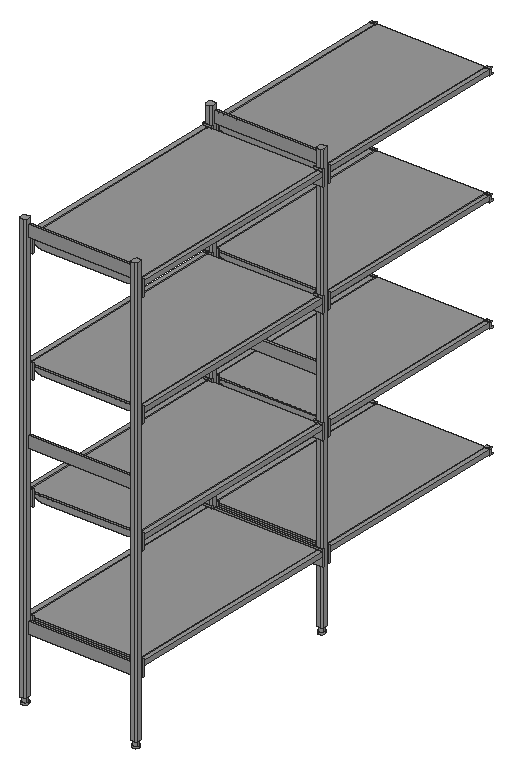
Revit family "QF_ZANUSSI_137081_CLS1752", category Attrezzature speciali, Revit 2020
Family settings
  Quota connettore circolare = Usa diametro
  Tipo di parte = Normale
  Basato su piano di lavoro = No
  Sempre verticale = Sì
  Taglio con vuoti quando caricato = No
  Condiviso = No
  Punto di calcolo locali = No
Parameters (values of type "Standard")
  Weight = 32.00 kg
  Watts = 0 W
  Volts = 0 V
  URL Manufacturer = "http://www.zanussiprofessional.com"
  URL = "http://www.zanussiprofessional.com"
  Steam Supply Size = 0 mm
  Steam Supply Minimum Pressure = 0.0 Pa
  Steam Supply Maximum Pressure = 0.0 Pa
  Steam Consumption per Hour = 0
  Refrigeration Suction Line Size = 0.0 mm
  Refrigeration Liquid Line Size = 0.0 mm
  Refrigerant Compressor Remote = yes
  Prospetto di default = 0.0 mm
  Phase = 0
  Modello = "CLS1752"
  Produttore = "Zanussi"
  Length Actual = 1756.0 mm  # constant formula
  Item Number = "137081"
  Hot Water Size = 0 mm
  Height Actual = 1700.0 mm  # constant formula
  HP = "0 HP"
  Gas Size = 0 mm
  Gas KW = 0
  Gas Input Pressure = 0 W
  Direct Waste Size = 0 mm
  Descrizione = "ALUM.CORNER SHELV.-POLY.TIERS-475X1756MM"
  Depth Actual = 475.0 mm  # constant formula
  Cycle = 0 Hz
  Condensate Return Size = 0 mm
  Compressed Air Volume = 0.0 L/s
  Compressed Air Size = 0 mm
  Compressed Air Pressure = 0.0 Pa
  Cold Water Size = 0 mm
  Accessory = yes
Reference planes
  plane 1: z = 0
  plane 2 "CenterLeft": y = -535.5
  plane 3 "FRONT": y = -921.5
  plane 4 "LEFT": x = 192.5
  plane 5 "RIGHT": x = 667.5
  plane 6 "TOP": z = 1700
  plane 7: y = -889.5
  plane 8: y = -3.5
  plane 9 "Center (Left/Back)": x = 430
  plane 10: x = 256
  plane 11: x = 668
  plane 12 "FEET": z = 25
  plane 13: z = 275
  plane 14: z = 725
  plane 15: z = 1175
  plane 16: z = 1625
  plane 17 "CXLeft": y = -907.5
  plane 18 "Center (Front/Back)": y = 14.5
  plane 19 "CYFront": x = 510
  plane 20: y = 830.5
  plane 21: y = 32.5
  plane 22 "BACK": y = 834.5
  plane 23 "LEFT_ORIGIN": x = 158.5
  plane 24 "BACK_ORIGIN": y = 1309.5
Forms (mm)
  Extrusion 1, solid, material "QF_Aluminum"
    sketch origin (38.022, -921.5, -4.006) x (-1, 0, 0) y (0, 0, 1)
      loop
        line (-189.5, 1637.003) -> (-173.5, 1637.003) -> (-173.5, 1655) -> (-175.493, 1655) -> (-175.493, 1648.501) -> (-608.5, 1648.501) -> (-608.5, 1655) -> (-610.5, 1655) -> (-610.5, 1637.003) -> (-594.5, 1637.003) -> (-560.5, 1625) -> (-223.5, 1625) -> (-189.5, 1637.003)
      loop
        line (-189.5, 1187.003) -> (-173.5, 1187.003) -> (-173.5, 1205) -> (-175.493, 1205) -> (-175.493, 1198.501) -> (-608.5, 1198.501) -> (-608.5, 1205) -> (-610.5, 1205) -> (-610.5, 1187.003) -> (-594.5, 1187.003) -> (-560.5, 1175) -> (-223.5, 1175) -> (-189.5, 1187.003)
      loop
        line (-189.5, 737.003) -> (-173.5, 737.003) -> (-173.5, 755) -> (-175.493, 755) -> (-175.493, 748.501) -> (-608.5, 748.501) -> (-608.5, 755) -> (-610.5, 755) -> (-610.5, 737.003) -> (-594.5, 737.003) -> (-560.5, 725) -> (-223.5, 725) -> (-189.5, 737.003)
      loop
        line (-189.5, 287.003) -> (-173.5, 287.003) -> (-173.5, 305) -> (-175.493, 305) -> (-175.493, 298.501) -> (-608.5, 298.501) -> (-608.5, 305) -> (-610.5, 305) -> (-610.5, 287.003) -> (-594.5, 287.003) -> (-560.5, 275) -> (-223.5, 275) -> (-189.5, 287.003)
    from 37 to 32
  Extrusion 2, solid, material "QF_Aluminum"
    sketch origin (38.022, -921.5, 0) x (-1, 0, 0) y (0, 0, 1)
      loop
        line (-154.478, 246.005) -> (-154.478, 307.993) -> (-190.471, 307.993) -> (-190.471, 246.005) -> (-154.478, 246.005)
      loop
        line (-593.484, 246.005) -> (-593.484, 307.993) -> (-629.478, 307.993) -> (-629.478, 246.005) -> (-593.484, 246.005)
      loop
        line (-154.478, 696.005) -> (-154.478, 757.993) -> (-190.471, 757.993) -> (-190.471, 696.005) -> (-154.478, 696.005)
      loop
        line (-593.484, 696.005) -> (-593.484, 757.993) -> (-629.478, 757.993) -> (-629.478, 696.005) -> (-593.484, 696.005)
      loop
        line (-154.478, 1146.005) -> (-154.478, 1207.993) -> (-190.471, 1207.993) -> (-190.471, 1146.005) -> (-154.478, 1146.005)
      loop
        line (-593.484, 1146.005) -> (-593.484, 1207.993) -> (-629.478, 1207.993) -> (-629.478, 1146.005) -> (-593.484, 1146.005)
      loop
        line (-154.478, 1596.005) -> (-154.478, 1657.993) -> (-190.471, 1657.993) -> (-190.471, 1596.005) -> (-154.478, 1596.005)
      loop
        line (-593.484, 1596.005) -> (-593.484, 1657.993) -> (-629.478, 1657.993) -> (-629.478, 1596.005) -> (-593.484, 1596.005)
    from 28 to 32
  Extrusion 3, solid, material "QF_Aluminum"
    sketch origin (38.022, -921.5, 0) x (-1, 0, 0) y (0, 0, 1)
      loop
        line (-154.5, 1650.994) -> (-173.5, 1650.994) -> (-173.5, 1632.998) -> (-154.5, 1632.998) -> (-154.5, 1650.994)
      loop
        line (-154.5, 1200.994) -> (-173.5, 1200.994) -> (-173.5, 1182.998) -> (-154.5, 1182.998) -> (-154.5, 1200.994)
      loop
        line (-154.5, 750.994) -> (-173.5, 750.994) -> (-173.5, 732.998) -> (-154.5, 732.998) -> (-154.5, 750.994)
      loop
        line (-154.5, 300.994) -> (-173.5, 300.994) -> (-173.5, 282.998) -> (-154.5, 282.998) -> (-154.5, 300.994)
      loop
        line (-629.455, 1650.994) -> (-629.455, 1632.998) -> (-610.455, 1632.998) -> (-610.455, 1650.994) -> (-629.455, 1650.994)
      loop
        line (-629.455, 1200.994) -> (-629.455, 1182.998) -> (-610.455, 1182.998) -> (-610.455, 1200.994) -> (-629.455, 1200.994)
      loop
        line (-629.455, 750.994) -> (-629.455, 732.998) -> (-610.455, 732.998) -> (-610.455, 750.994) -> (-629.455, 750.994)
      loop
        line (-629.455, 300.994) -> (-629.455, 282.998) -> (-610.455, 282.998) -> (-610.455, 300.994) -> (-629.455, 300.994)
    from 32 to 918
  Extrusion 4, solid, material "QF_Polyethylene"
    sketch origin (38.022, -921.5, 0) x (-1, 0, 0) y (0, 0, 1)
      loop
        line (-175.493, 1650.994) -> (-608.5, 1650.994) -> (-608.5, 1644.496) -> (-175.493, 1644.496) -> (-175.493, 1650.994)
      loop
        line (-175.493, 1200.994) -> (-608.5, 1200.994) -> (-608.5, 1194.496) -> (-175.493, 1194.496) -> (-175.493, 1200.994)
      loop
        line (-175.493, 750.994) -> (-608.5, 750.994) -> (-608.5, 744.496) -> (-175.493, 744.496) -> (-175.493, 750.994)
      loop
        line (-175.493, 300.994) -> (-608.5, 300.994) -> (-608.5, 294.496) -> (-175.493, 294.496) -> (-175.493, 300.994)
    from 32 to 918
  Extrusion 5, solid, material "QF_Aluminum"
    sketch origin (38.022, 684.5, 0) x (-1, 0, 0) y (0, 0, 1)
      loop
        line (-154.5, 1650.994) -> (-173.5, 1650.994) -> (-173.5, 1632.998) -> (-154.5, 1632.998) -> (-154.5, 1650.994)
      loop
        line (-610.455, 1650.994) -> (-629.455, 1650.994) -> (-629.455, 1632.998) -> (-610.455, 1632.998) -> (-610.455, 1650.994)
      loop
        line (-154.5, 1200.994) -> (-173.5, 1200.994) -> (-173.5, 1182.998) -> (-154.5, 1182.998) -> (-154.5, 1200.994)
      loop
        line (-610.455, 1200.994) -> (-629.455, 1200.994) -> (-629.455, 1182.998) -> (-610.455, 1182.998) -> (-610.455, 1200.994)
      loop
        line (-154.5, 750.994) -> (-173.5, 750.994) -> (-173.5, 732.998) -> (-154.5, 732.998) -> (-154.5, 750.994)
      loop
        line (-610.455, 750.994) -> (-629.455, 750.994) -> (-629.455, 732.998) -> (-610.455, 732.998) -> (-610.455, 750.994)
      loop
        line (-154.5, 300.994) -> (-173.5, 300.994) -> (-173.5, 282.998) -> (-154.5, 282.998) -> (-154.5, 300.994)
      loop
        line (-610.455, 300.994) -> (-629.455, 300.994) -> (-629.455, 282.998) -> (-610.455, 282.998) -> (-610.455, 300.994)
    from 146 to -652
  Extrusion 6, solid, material "QF_Polyethylene"
    sketch origin (38.022, 684.5, 0) x (-1, 0, 0) y (0, 0, 1)
      loop
        line (-175.493, 1650.994) -> (-608.5, 1650.994) -> (-608.5, 1644.496) -> (-175.493, 1644.496) -> (-175.493, 1650.994)
      loop
        line (-175.493, 1200.994) -> (-608.5, 1200.994) -> (-608.5, 1194.496) -> (-175.493, 1194.496) -> (-175.493, 1200.994)
      loop
        line (-175.493, 750.994) -> (-608.5, 750.994) -> (-608.5, 744.496) -> (-175.493, 744.496) -> (-175.493, 750.994)
      loop
        line (-175.493, 300.994) -> (-608.5, 300.994) -> (-608.5, 294.496) -> (-175.493, 294.496) -> (-175.493, 300.994)
    from 146 to -652
Lines and regions (mm)
  symbolic lines
    curve 1: line (256, -912.5, 1700) -> (668, -912.5, 1700)
    curve 2: line (668, -902.5, 1700) -> (256, -902.5, 1700)
    curve 3: line (192.5, -893.5, 1700) -> (192.5, 0.5, 1700)
    curve 4: line (667.5, -889.5, 1700) -> (667.5, -3.5, 1700)
    curve 5: line (192.5, 28.5, 1700) -> (192.5, 834.5, 1700)
    curve 6: line (667.5, 28.5, 1700) -> (667.5, 834.5, 1700)
    curve 7: line (648.478, -3.5, 1700) -> (648.478, -889.5, 1700)
    curve 8: line (211.522, -889.5, 1700) -> (211.522, -3.5, 1700)
    curve 9: line (211.522, 32.5, 1700) -> (211.522, 830.5, 1700)
    curve 10: line (648.478, 830.5, 1700) -> (648.478, 32.5, 1700)
Dimensions and locks
  plane 3 "FRONT" to plane 2 "CenterLeft" = 386.0 mm
  locked: plane 6 "TOP" to level at 1700
  locked: plane 7 to plane 8 at 886
  locked: plane 10 to plane 11 at 412
  plane 10 to plane 9 "Center (Left/Back)" to plane 11 = 174.0 mm, 238.0 mm
  equal spacing: plane 4 "LEFT", plane 9 "Center (Left/Back)", plane 5 "RIGHT"
  plane 12 "FEET" to level = 25.0 mm
  plane 6 "TOP" to plane 12 "FEET" = 1675.0 mm
  plane 13 to plane 12 "FEET" = 250.0 mm
  plane 14 to plane 13 = 450.0 mm
  plane 15 to plane 14 = 450.0 mm
  plane 16 to plane 15 = 450.0 mm
  locked: plane 21 to plane 20 at 798
  locked: plane 8 to plane 18 "Center (Front/Back)" at 18
  locked: plane 18 "Center (Front/Back)" to plane 21 at 18
  locked: plane 3 "FRONT" to plane 7 at 32
  locked: plane 4 "LEFT" to plane 5 "RIGHT" at 475
  locked: plane 23 "LEFT_ORIGIN" to plane 5 "RIGHT" at 509
  locked: plane 22 "BACK" to plane 24 "BACK_ORIGIN" at 475
  locked: plane 22 "BACK" to plane 3 "FRONT" at 1756
  aligned and locked: level to plane 1
  aligned and locked: Extrusion 1 to plane 7
  aligned and locked: plane 7 to Extrusion 2
  aligned and locked: Extrusion 4 to plane 7
  aligned and locked: plane 8 to Extrusion 4
  aligned and locked: Extrusion 3 to plane 7
  aligned and locked: plane 8 to Extrusion 3
  aligned and locked: Extrusion 1 sketch curve to Extrusion 1 sketch curve  (x3)
  aligned and locked: Extrusion 5 sketch curve to Extrusion 5 sketch curve  (x2)
  aligned and locked: Extrusion 5 to plane 21  (x5)
  aligned and locked: Extrusion 6 to plane 21  (x5)
  aligned and locked: nested 2 to plane 18 "Center (Front/Back)"
  aligned and locked: plane 17 "CXLeft" to nested 1
  aligned and locked: plane 7 to Extrusion 3  (x3)
  aligned and locked: Extrusion 3 to plane 8  (x4)
  aligned and locked: Extrusion 4 to plane 8  (x4)
  aligned and locked: plane 20 to Extrusion 5
  aligned and locked: plane 20 to Extrusion 6
  aligned and locked: Extrusion 5 to plane 20  (x3)
  aligned and locked: Extrusion 6 to plane 20  (x3)
  aligned and locked: plane 9 "Center (Left/Back)" to nested 2
  aligned and locked: nested 3 to plane 22 "BACK"
Automatic sketch dimensions
  Extrusion 1 sketch curve to plane 19 "CYFront" = 138.522 mm  (x4)
  plane 11 to Extrusion 1 sketch curve = 35.478 mm  (x4)
  Extrusion 1 sketch curve to plane 13 = 4.006 mm
  Extrusion 1 sketch curve to Extrusion 1 sketch curve = 34.0 mm  (x4)
  Extrusion 1 sketch curve to plane 14 = 4.006 mm
  Extrusion 1 sketch curve to plane 15 = 4.006 mm
  Extrusion 1 sketch curve to plane 16 = 4.006 mm
  Extrusion 1 sketch curve to plane 10 = 5.522 mm  (x4)
  plane 10 to Extrusion 1 sketch curve = 28.478 mm  (x4)
  plane 13 to Extrusion 1 sketch curve = 7.998 mm  (x2)
  Extrusion 1 sketch curve to Extrusion 1 sketch curve = 11.498 mm  (x4)
  Extrusion 1 sketch curve to Extrusion 1 sketch curve = 6.499 mm  (x8)
  plane 14 to Extrusion 1 sketch curve = 7.998 mm  (x2)
  plane 15 to Extrusion 1 sketch curve = 7.998 mm  (x2)
  plane 16 to Extrusion 1 sketch curve = 7.998 mm  (x2)
  plane 5 "RIGHT" to Extrusion 2 sketch curve = 35.993 mm  (x4)
  Extrusion 2 sketch curve to plane 4 "LEFT" = 0.0 mm  (x4)
  plane 11 to Extrusion 2 sketch curve = 0.5 mm  (x4)
  plane 10 to Extrusion 2 sketch curve = 27.507 mm  (x4)
  Extrusion 2 sketch curve to plane 13 = 28.995 mm  (x2)
  plane 13 to Extrusion 2 sketch curve = 32.993 mm  (x2)
  Extrusion 2 sketch curve to plane 14 = 28.995 mm  (x2)
  plane 14 to Extrusion 2 sketch curve = 32.993 mm  (x2)
  Extrusion 2 sketch curve to plane 15 = 28.995 mm  (x2)
  plane 15 to Extrusion 2 sketch curve = 32.993 mm  (x2)
  Extrusion 2 sketch curve to plane 16 = 28.995 mm  (x2)
  plane 16 to Extrusion 2 sketch curve = 32.993 mm  (x2)
  plane 13 to Extrusion 4 sketch curve = 19.496 mm
  Extrusion 4 sketch curve to Extrusion 4 sketch curve = 6.499 mm  (x4)
  plane 14 to Extrusion 4 sketch curve = 19.496 mm
  plane 15 to Extrusion 4 sketch curve = 19.496 mm
  plane 16 to Extrusion 4 sketch curve = 19.496 mm
  plane 5 "RIGHT" to Extrusion 5 sketch curve = 0.022 mm  (x4)
  Extrusion 5 sketch curve to plane 4 "LEFT" = 19.022 mm  (x4)
  Extrusion 5 sketch curve to plane 19 "CYFront" = 138.478 mm  (x2)
  plane 13 to Extrusion 5 sketch curve = 7.998 mm  (x2)
  Extrusion 5 sketch curve to Extrusion 5 sketch curve = 17.997 mm  (x8)
  plane 14 to Extrusion 5 sketch curve = 7.998 mm  (x2)
  plane 15 to Extrusion 5 sketch curve = 7.998 mm  (x2)
  plane 16 to Extrusion 5 sketch curve = 7.998 mm  (x2)
  Extrusion 6 sketch curve to plane 19 "CYFront" = 136.522 mm  (x4)
  plane 13 to Extrusion 6 sketch curve = 19.496 mm
  Extrusion 6 sketch curve to Extrusion 6 sketch curve = 6.499 mm  (x4)
  plane 14 to Extrusion 6 sketch curve = 19.496 mm
  plane 15 to Extrusion 6 sketch curve = 19.496 mm
  plane 16 to Extrusion 6 sketch curve = 19.496 mm
  plane 5 "RIGHT" to Extrusion 3 sketch curve = 0.022 mm  (x4)
  Extrusion 3 sketch curve to Extrusion 3 sketch curve = 19.0 mm  (x4)
  plane 14 to Extrusion 3 sketch curve = 7.998 mm  (x2)
  plane 10 to Extrusion 3 sketch curve = 44.478 mm  (x4)
  Extrusion 3 sketch curve to plane 4 "LEFT" = 0.022 mm  (x4)
  plane 13 to Extrusion 3 sketch curve = 25.994 mm  (x2)
  plane 13 to Extrusion 3 sketch curve = 7.998 mm  (x2)
  Extrusion 3 sketch curve to Extrusion 3 sketch curve = 17.997 mm  (x6)
  plane 15 to Extrusion 3 sketch curve = 7.998 mm  (x2)
  plane 16 to Extrusion 3 sketch curve = 7.998 mm  (x2)
  plane 10 to Extrusion 1 sketch curve = 42.484 mm  (x4)
  plane 10 to Extrusion 1 sketch curve = 44.478 mm  (x2)
  Extrusion 1 sketch curve to Extrusion 1 sketch curve = 1.993 mm  (x2)
  plane 10 to Extrusion 4 sketch curve = 42.484 mm  (x4)
  Extrusion 5 sketch curve to plane 4 "LEFT" = 0.022 mm  (x4)
  plane 10 to Extrusion 6 sketch curve = 42.484 mm  (x4)
  Extrusion 1 sketch curve to Extrusion 1 sketch curve = 2.0 mm
  plane 5 "RIGHT" to Extrusion 4 sketch curve = 20.978 mm  (x4)
  curve 1 to plane 11 = 0.0 mm
  curve 1 to plane 10 = 0.0 mm
  curve 2 to plane 10 = 0.0 mm
  curve 2 to plane 11 = 0.0 mm
  curve 3 to plane 4 "LEFT" = 0.0 mm
  curve 4 to plane 5 "RIGHT" = 0.0 mm
  plane 7 to curve 4 = 0.0 mm
  plane 7 to curve 8 = 0.0 mm
  plane 8 to curve 8 = 0.0 mm
  plane 8 to curve 7 = 0.0 mm
  plane 8 to curve 4 = 0.0 mm
  curve 5 to plane 4 "LEFT" = 0.0 mm
  curve 6 to plane 5 "RIGHT" = 0.0 mm
  plane 20 to curve 9 = 0.0 mm
  plane 22 "BACK" to curve 5 = 0.0 mm
  plane 22 "BACK" to curve 6 = 0.0 mm
  plane 7 to curve 3 = 4.0 mm
  plane 17 "CXLeft" to curve 2 = 5.0 mm
  curve 1 to plane 17 "CXLeft" = 5.0 mm
  curve 3 to plane 8 = 4.0 mm
  curve 6 to plane 21 = 4.0 mm
  curve 9 to plane 4 "LEFT" = 19.022 mm
  curve 8 to plane 4 "LEFT" = 19.022 mm
  curve 9 to plane 21 = 0.0 mm
  plane 21 to curve 10 = 0.0 mm
  curve 5 to plane 21 = 4.0 mm
  plane 7 to curve 7 = 0.0 mm
  curve 4 to curve 7 = 19.022 mm
  plane 20 to curve 10 = 0.0 mm
  plane 5 "RIGHT" to curve 10 = 19.022 mm
Nested families
  nested 1: "WT_Anta475" at (215.5, -504.5, 0) x (0, 1, 0) z (0, 0, 1), type "WT_Anta475"
  nested 2: "WT_Anta475Center" at (215.5, 417.5, 0) x (0, 1, 0) z (0, 0, 1), type "WT_Anta475Center"
  nested 3: "WT_Aggancio475" at (215.5, 1242.5, 0) x (0, 1, 0) z (0, 0, 1), type "WT_Aggancio475"
Definition of nested family "WT_Anta475"
  Parameters
    WidthLeft = A + 64.0 mm  # 772.0 mm
    Width = 1606.0 mm
    Right = WidthLeft / 2  # 386.0 mm
    Default Elevation = 0.0 mm
    Left = -WidthLeft / 2  # -386.0 mm
    Height = 1725.0 mm
    FEET = 25.0 mm
    E = 0.0 mm
    Dint = Depth - 63.0 mm  # 412.0 mm
    Dext = Depth - 8.0 mm  # 467.0 mm
    Depth = 475.0 mm
    DX = (WidthLeft - A) / 2  # 32.0 mm
    B = 798.0 mm
    A = 708.0 mm
  Reference planes
    plane 1: z = 0
    plane 2 "LEFT": x = -417
    plane 3 "BACK": y = 23
    plane 4 "FRONT": y = -452
    plane 5 "TOP": z = 1725
    plane 6 "Center (Front/Back)": y = -214.5
    plane 7: y = -8.5
    plane 8: y = -420.5
    plane 9 "FEET": z = 25
    plane 10: z = 275
    plane 11: z = 725
    plane 12: z = 1175
    plane 13: z = 1625
    plane 14 "CXLeft": x = -403
    plane 15: y = 5.5
    plane 16 "CYBack": y = 5.5
    plane 17 "CYFront": y = -434.5
    plane 18: x = -385.031
    plane 19: x = -380.031
  Forms (mm)
    Extrusion 1, solid
      sketch origin (0, 0, 0) x (1, 0, 0) y (0, 1, 0)
        loop
          line (-417, 13.246) -> (-417, -2.246) -> (-410.746, -8.5) -> (-395.254, -8.5) -> (-389, -2.246) -> (-389, 13.246) -> (-395.254, 19.5) -> (-410.746, 19.5) -> (-417, 13.246)
      from 1725 to 25
    Extrusion 2, solid
      sketch origin (-417, 0, 0) x (0, 1, 0) y (0, 0, 1)
        loop
          line (23, 246.005) -> (23, 307.993) -> (-12.993, 307.993) -> (-12.993, 246.005) -> (23, 246.005)
        loop
          line (-452, 246.005) -> (-416.007, 246.005) -> (-416.007, 307.993) -> (-452, 307.993) -> (-452, 246.005)
        loop
          line (23, 696.005) -> (23, 757.993) -> (-12.993, 757.993) -> (-12.993, 696.005) -> (23, 696.005)
        loop
          line (-452, 696.005) -> (-416.007, 696.005) -> (-416.007, 757.993) -> (-452, 757.993) -> (-452, 696.005)
        loop
          line (23, 1146.005) -> (23, 1207.993) -> (-12.993, 1207.993) -> (-12.993, 1146.005) -> (23, 1146.005)
        loop
          line (-452, 1146.005) -> (-416.007, 1146.005) -> (-416.007, 1207.993) -> (-452, 1207.993) -> (-452, 1146.005)
        loop
          line (23, 1596.005) -> (23, 1657.993) -> (-12.993, 1657.993) -> (-12.993, 1596.005) -> (23, 1596.005)
        loop
          line (-452, 1596.005) -> (-416.007, 1596.005) -> (-416.007, 1657.993) -> (-452, 1657.993) -> (-452, 1596.005)
      from 28 to 32
    Revolve 3, solid
      sketch origin (-403, 0, 0) x (0, 1, 0) y (0, 0, 1)
        loop
          line (5.5, 25) -> (5.5, 0) -> (19, 0) -> (19, 5) -> (14, 5) -> (14, 25) -> (5.5, 25)
        axis (5.5, 25) -> (5.5, 0)
      angle from 0 to 360
    Extrusion 4, solid
      sketch origin (-403, 0, 0) x (0, 1, 0) y (0, 0, 1)
        loop
          line (-8.5, 912.382) -> (-8.5, 957.374) -> (-420.5, 957.374) -> (-420.5, 912.382) -> (-8.5, 912.382)
        loop
          line (-8.5, 1662.244) -> (-8.5, 1707.236) -> (-420.5, 1707.236) -> (-420.5, 1662.244) -> (-8.5, 1662.244)
      from -5 to 5
    Revolve 5, solid
      sketch origin (-403, -627, 0) x (0, -1, 0) y (0, 0, 1)
        loop
          line (-192.5, 25) -> (-192.5, 0) -> (-179, 0) -> (-179, 5) -> (-184, 5) -> (-184, 25) -> (-192.5, 25)
        axis (-192.5, 25) -> (-192.5, 0)
      angle from 0 to 360
    Extrusion 6, solid
      sketch origin (0, -627, 0) x (1, 0, 0) y (0, 1, 0)
        loop
          line (-417, 184.754) -> (-410.746, 178.5) -> (-395.254, 178.5) -> (-389, 184.754) -> (-389, 200.246) -> (-395.254, 206.5) -> (-410.746, 206.5) -> (-417, 200.246) -> (-417, 184.754)
      from 1725 to 25
    Extrusion 7, solid
      sketch origin (-417.031, -0.022, 0) x (0, 1, 0) y (0, 0, -1)
        loop
          line (-12, -1632.998) -> (-46, -1620.994) -> (-383, -1620.994) -> (-417, -1632.998) -> (-433, -1632.998) -> (-433, -1650.994) -> (-431, -1650.994) -> (-431, -1644.496) -> (2.007, -1644.496) -> (2.007, -1650.994) -> (4, -1650.994) -> (4, -1632.998) -> (-12, -1632.998)
        loop
          line (-12, -1182.998) -> (-46, -1170.994) -> (-383, -1170.994) -> (-417, -1182.998) -> (-433, -1182.998) -> (-433, -1200.994) -> (-431, -1200.994) -> (-431, -1194.496) -> (2.007, -1194.496) -> (2.007, -1200.994) -> (4, -1200.994) -> (4, -1182.998) -> (-12, -1182.998)
        loop
          line (-12, -732.998) -> (-46, -720.994) -> (-383, -720.994) -> (-417, -732.998) -> (-433, -732.998) -> (-433, -750.994) -> (-431, -750.994) -> (-431, -744.496) -> (2.007, -744.496) -> (2.007, -750.994) -> (4, -750.994) -> (4, -732.998) -> (-12, -732.998)
        loop
          line (-12, -282.998) -> (-46, -270.994) -> (-383, -270.994) -> (-417, -282.998) -> (-433, -282.998) -> (-433, -300.994) -> (-431, -300.994) -> (-431, -294.496) -> (2.007, -294.496) -> (2.007, -300.994) -> (4, -300.994) -> (4, -282.998) -> (-12, -282.998)
      from -32 to -37
    Extrusion 8, solid
      sketch origin (-403, 0, -659.878) x (0, 1, 0) y (0, 0, 1)
        loop
          line (-8.5, 912.382) -> (-8.5, 957.374) -> (-420.5, 957.374) -> (-420.5, 912.382) -> (-8.5, 912.382)
        loop
          line (-8.5, 1572.382) -> (-8.5, 1617.374) -> (-420.5, 1617.374) -> (-420.5, 1572.382) -> (-8.5, 1572.382)
        loop
          line (-8.5, 2322.382) -> (-8.5, 2367.374) -> (-420.5, 2367.374) -> (-420.5, 2322.382) -> (-8.5, 2322.382)
      from -5 to 5
  Lines and regions (mm)
    symbolic lines
      curve 1: line (-408, -8.5, 1725) -> (-408, -420.5, 1725)
      curve 2: line (-398, -420.5, 1725) -> (-398, -8.5, 1725)
      curve 3: line (-395.254, -8.5, 1725) -> (-410.746, -8.5, 1725)
      curve 4: line (-417, -2.246, 1725) -> (-410.746, -8.5, 1725)
      curve 5: line (-417, 13.246, 1725) -> (-417, -2.246, 1725)
      curve 6: line (-410.746, 19.5, 1725) -> (-417, 13.246, 1725)
      curve 7: line (-395.254, 19.5, 1725) -> (-410.746, 19.5, 1725)
      curve 8: line (-389, 13.246, 1725) -> (-395.254, 19.5, 1725)
      curve 9: line (-395.254, -8.5, 1725) -> (-389, -2.246, 1725)
      curve 10: line (-395.254, -420.5, 1725) -> (-410.746, -420.5, 1725)
      curve 11: line (-417, -426.754, 1725) -> (-410.746, -420.5, 1725)
      curve 12: line (-410.746, -448.5, 1725) -> (-417, -442.246, 1725)
      curve 13: line (-395.254, -448.5, 1725) -> (-410.746, -448.5, 1725)
      curve 14: line (-389, -442.246, 1725) -> (-395.254, -448.5, 1725)
      curve 15: line (-395.254, -420.5, 1725) -> (-389, -426.754, 1725)
      curve 16: line (-389, -452, 1725) -> (-389, -416.007, 1725)
      curve 17: line (-389, -416.007, 1725) -> (-385, -416.007, 1725)
      curve 18: line (-389, 23, 1725) -> (-389, -12.993, 1725)
      curve 19: line (-389, -12.993, 1725) -> (-385, -12.993, 1725)
      curve 20: line (-417, -426.754, 1725) -> (-417, -442.246, 1725)
      curve 21: line (-385, -452, 1725) -> (-385, -416.007, 1725)
      curve 22: line (-385, -452, 1725) -> (-389, -452, 1725)
      curve 23: line (-385, 23, 1725) -> (-389, 23, 1725)
      curve 24: line (-385, -12.993, 1725) -> (-385, 23, 1725)
      curve 25: line (-385.031, -13.016, 1725) -> (-385.031, -416.029, 1725)
  Dimensions and locks
    "Height": plane 5 "TOP" to level
    "Depth": plane 3 "BACK" to plane 4 "FRONT"
    "Dint": plane 7 to plane 8
    equal spacing: plane 7, plane 6 "Center (Front/Back)", plane 8
    equal spacing: plane 3 "BACK", plane 6 "Center (Front/Back)", plane 4 "FRONT"
    plane 9 "FEET" to level = 25.0 mm
    plane 5 "TOP" to plane 9 "FEET" = 1700.0 mm
    plane 10 to plane 9 "FEET" = 250.0 mm
    plane 11 to plane 10 = 450.0 mm
    plane 12 to plane 11 = 450.0 mm
    plane 13 to plane 12 = 450.0 mm
    locked: plane 2 "LEFT" to plane 14 "CXLeft" at 14
    locked: plane 3 "BACK" to plane 16 "CYBack" at 17.5
    locked: plane 17 "CYFront" to plane 4 "FRONT" at 17.5
    locked: Revolve 3 sketch curve to Revolve 3 sketch curve at 8.5
    locked: Revolve 3 sketch curve to plane 16 "CYBack" at 13.5
    locked: Revolve 5 sketch curve to Revolve 5 sketch curve at 8.5
    aligned and locked: level to plane 1
    aligned and locked: curve 20 to Extrusion 6
    aligned and locked: plane 5 "TOP" to Extrusion 1
    aligned and locked: plane 5 "TOP" to Extrusion 6
    aligned and locked: Extrusion 7 sketch curve to Extrusion 7 sketch curve  (x3)
  Automatic sketch dimensions
    curve 16 to plane 4 "FRONT" = 0.0 mm
    curve 11 to plane 8 = 0.0 mm
    curve 9 to plane 7 = 0.0 mm
    curve 5 to plane 2 "LEFT" = 0.0 mm
    curve 23 to plane 3 "BACK" = 0.0 mm
    plane 4 "FRONT" to curve 13 = 3.5 mm
    curve 20 to plane 17 "CYFront" = 7.746 mm
    curve 20 to plane 8 = 6.254 mm
    plane 8 to curve 16 = 4.493 mm
    curve 24 to plane 18 = 0.031 mm
    curve 24 to plane 7 = 4.493 mm
    plane 7 to curve 5 = 6.254 mm
    curve 5 to plane 15 = 7.746 mm
    curve 6 to plane 3 "BACK" = 3.5 mm
    curve 21 to plane 18 = 0.031 mm
    plane 18 to curve 23 = 3.969 mm
    plane 18 to curve 16 = 3.969 mm
    curve 18 to curve 8 = 6.254 mm
    curve 18 to curve 3 = 6.254 mm
    curve 16 to curve 13 = 6.254 mm
    curve 16 to curve 15 = 6.254 mm
    plane 2 "LEFT" to curve 10 = 6.254 mm
    plane 2 "LEFT" to curve 7 = 6.254 mm
    plane 2 "LEFT" to curve 12 = 6.254 mm
    plane 2 "LEFT" to curve 3 = 6.254 mm
    curve 14 to plane 17 "CYFront" = 7.746 mm
    curve 15 to plane 8 = 6.254 mm
    plane 7 to curve 9 = 6.254 mm
    curve 8 to plane 15 = 7.746 mm
    curve 3 to curve 2 = 2.746 mm
    curve 1 to curve 10 = 2.746 mm
    Extrusion 1 sketch curve to plane 2 "LEFT" = 0.0 mm
    Extrusion 1 sketch curve to plane 7 = 0.0 mm
    plane 2 "LEFT" to Extrusion 1 sketch curve = 6.254 mm  (x2)
    plane 14 "CXLeft" to Extrusion 1 sketch curve = 7.746 mm  (x2)
    Extrusion 1 sketch curve to plane 3 "BACK" = 3.5 mm
    plane 18 to Extrusion 1 sketch curve = 3.969 mm
    plane 7 to Extrusion 1 sketch curve = 6.254 mm  (x2)
    Extrusion 1 sketch curve to plane 15 = 7.746 mm  (x2)
    Extrusion 2 sketch curve to plane 4 "FRONT" = 0.0 mm  (x4)
    Extrusion 2 sketch curve to plane 3 "BACK" = 0.0 mm  (x4)
    plane 8 to Extrusion 2 sketch curve = 4.493 mm  (x4)
    Extrusion 2 sketch curve to plane 7 = 4.493 mm  (x4)
    Extrusion 2 sketch curve to plane 10 = 28.995 mm  (x2)
    plane 10 to Extrusion 2 sketch curve = 32.993 mm  (x2)
    Extrusion 2 sketch curve to plane 11 = 28.995 mm  (x2)
    plane 11 to Extrusion 2 sketch curve = 32.993 mm  (x2)
    Extrusion 2 sketch curve to plane 12 = 28.995 mm  (x2)
    plane 12 to Extrusion 2 sketch curve = 32.993 mm  (x2)
    Extrusion 2 sketch curve to plane 13 = 28.995 mm  (x2)
    plane 13 to Extrusion 2 sketch curve = 32.993 mm  (x2)
    Revolve 3 sketch curve to plane 9 "FEET" = 0.0 mm  (x2)
    Revolve 3 sketch curve to plane 15 = 0.0 mm  (x2)
    Revolve 3 sketch curve to level = 0.0 mm
    level to Revolve 3 sketch curve = 5.0 mm
    Revolve 3 sketch curve to Revolve 3 sketch curve = 11.655 mm
    Extrusion 4 sketch curve to plane 8 = 0.0 mm  (x2)
    Extrusion 4 sketch curve to plane 7 = 0.0 mm  (x2)
    plane 11 to Extrusion 4 sketch curve = 187.382 mm
    Extrusion 4 sketch curve to Extrusion 4 sketch curve = 44.992 mm
    plane 13 to Extrusion 4 sketch curve = 37.244 mm
    Extrusion 4 sketch curve to plane 5 "TOP" = 17.764 mm
    Revolve 5 sketch curve to plane 9 "FEET" = 0.0 mm  (x2)
    Revolve 5 sketch curve to plane 17 "CYFront" = 0.0 mm  (x2)
    Revolve 5 sketch curve to level = 0.0 mm
    Revolve 5 sketch curve to plane 4 "FRONT" = 4.0 mm
    Revolve 5 sketch curve to Revolve 5 sketch curve = 5.0 mm
    level to Revolve 5 sketch curve = 11.655 mm
    Extrusion 6 sketch curve to plane 2 "LEFT" = 0.0 mm
    Extrusion 6 sketch curve to plane 8 = 0.0 mm
    Extrusion 6 sketch curve to plane 2 "LEFT" = 6.254 mm  (x2)
    Extrusion 6 sketch curve to plane 14 "CXLeft" = 7.746 mm  (x2)
    Extrusion 6 sketch curve to plane 4 "FRONT" = 3.5 mm
    Extrusion 6 sketch curve to plane 18 = 3.969 mm
    plane 8 to Extrusion 6 sketch curve = 6.254 mm  (x2)
    plane 17 "CYFront" to Extrusion 6 sketch curve = 7.746 mm  (x2)
    plane 17 "CYFront" to Extrusion 7 sketch curve = 1.478 mm  (x4)
    Extrusion 7 sketch curve to Extrusion 7 sketch curve = 2.0 mm
    plane 8 to Extrusion 7 sketch curve = 3.478 mm  (x4)
    Extrusion 7 sketch curve to plane 10 = 4.006 mm
    Extrusion 7 sketch curve to Extrusion 7 sketch curve = 34.0 mm  (x4)
    Extrusion 7 sketch curve to plane 11 = 4.006 mm
    Extrusion 7 sketch curve to plane 12 = 4.006 mm
    Extrusion 7 sketch curve to plane 13 = 4.006 mm
    Extrusion 7 sketch curve to plane 7 = 37.522 mm  (x4)
    Extrusion 7 sketch curve to plane 7 = 3.522 mm  (x4)
    plane 15 to Extrusion 7 sketch curve = 3.516 mm  (x4)
    plane 15 to Extrusion 7 sketch curve = 1.522 mm  (x4)
    plane 13 to Extrusion 7 sketch curve = 7.998 mm  (x2)
    Extrusion 7 sketch curve to Extrusion 7 sketch curve = 11.498 mm
    Extrusion 7 sketch curve to Extrusion 7 sketch curve = 6.499 mm  (x5)
    plane 12 to Extrusion 7 sketch curve = 25.994 mm  (x2)
    plane 12 to Extrusion 7 sketch curve = 7.998 mm  (x2)
    plane 11 to Extrusion 7 sketch curve = 25.994 mm  (x2)
    plane 11 to Extrusion 7 sketch curve = 7.998 mm  (x2)
    plane 10 to Extrusion 7 sketch curve = 25.994 mm  (x2)
    plane 10 to Extrusion 7 sketch curve = 7.998 mm  (x2)
    curve 25 to plane 18 = 0.0 mm
    plane 8 to curve 25 = 4.471 mm
    curve 25 to plane 7 = 4.516 mm
    Extrusion 8 sketch curve to plane 8 = 0.0 mm  (x3)
    Extrusion 8 sketch curve to plane 7 = 0.0 mm  (x3)
    Extrusion 8 sketch curve to plane 10 = 22.496 mm
    plane 10 to Extrusion 8 sketch curve = 22.496 mm
    plane 11 to Extrusion 8 sketch curve = 187.504 mm
    Extrusion 8 sketch curve to Extrusion 8 sketch curve = 44.992 mm
    plane 13 to Extrusion 8 sketch curve = 37.504 mm
    Extrusion 8 sketch curve to plane 5 "TOP" = 17.504 mm
Definition of nested family "WT_Anta475Center"
  Parameters
    WidthLeft = A + 64.0 mm  # 772.0 mm
    Width = 1606.0 mm
    Right = WidthLeft / 2  # 386.0 mm
    Default Elevation = 0.0 mm
    Left = -WidthLeft / 2  # -386.0 mm
    Height = 1725.0 mm
    FEET = 25.0 mm
    E = 0.0 mm
    Dint = Depth - 63.0 mm  # 412.0 mm
    Dext = Depth - 8.0 mm  # 467.0 mm
    Depth = 475.0 mm
    DX = (WidthLeft - A) / 2  # 32.0 mm
    B = 798.0 mm
    A = 708.0 mm
  Reference planes
    plane 1: z = 0
    plane 2 "L": x = -417
    plane 3 "BACK": y = 23
    plane 4 "FRONT": y = -452
    plane 5 "TOP": z = 1725
    plane 6 "Center (Front/Back)": y = -214.5
    plane 7: y = -8.5
    plane 8: y = -420.5
    plane 9 "FEET": z = 25
    plane 10: z = 275
    plane 11: z = 725
    plane 12: z = 1175
    plane 13: z = 1625
    plane 14 "CXLeft": x = -403
    plane 15: y = 5.5
    plane 16 "CYBack": y = 5.5
    plane 17 "CYFront": y = -434.5
    plane 18: x = -385.031
    plane 19 "RIGHT": x = -380.031
    plane 20: x = -420.969
    plane 21 "LEFT": x = -425.969
  Forms (mm)
    Extrusion 1, solid
      sketch origin (0, 0, 0) x (1, 0, 0) y (0, 1, 0)
        loop
          line (-417, 13.246) -> (-417, -2.246) -> (-410.746, -8.5) -> (-395.254, -8.5) -> (-389, -2.246) -> (-389, 13.246) -> (-395.254, 19.5) -> (-410.746, 19.5) -> (-417, 13.246)
      from 1725 to 25
    Extrusion 2, solid
      sketch origin (-417, 0, 0) x (0, 1, 0) y (0, 0, 1)
        loop
          line (23, 246.005) -> (23, 307.993) -> (-12.993, 307.993) -> (-12.993, 246.005) -> (23, 246.005)
        loop
          line (-452, 246.005) -> (-416.007, 246.005) -> (-416.007, 307.993) -> (-452, 307.993) -> (-452, 246.005)
        loop
          line (23, 696.005) -> (23, 757.993) -> (-12.993, 757.993) -> (-12.993, 696.005) -> (23, 696.005)
        loop
          line (-452, 696.005) -> (-416.007, 696.005) -> (-416.007, 757.993) -> (-452, 757.993) -> (-452, 696.005)
        loop
          line (23, 1146.005) -> (23, 1207.993) -> (-12.993, 1207.993) -> (-12.993, 1146.005) -> (23, 1146.005)
        loop
          line (-452, 1146.005) -> (-416.007, 1146.005) -> (-416.007, 1207.993) -> (-452, 1207.993) -> (-452, 1146.005)
        loop
          line (23, 1596.005) -> (23, 1657.993) -> (-12.993, 1657.993) -> (-12.993, 1596.005) -> (23, 1596.005)
        loop
          line (-452, 1596.005) -> (-416.007, 1596.005) -> (-416.007, 1657.993) -> (-452, 1657.993) -> (-452, 1596.005)
      from 28 to 32
    Revolve 3, solid
      sketch origin (-403, 0, 0) x (0, 1, 0) y (0, 0, 1)
        loop
          line (5.5, 25) -> (5.5, 0) -> (19, 0) -> (19, 5) -> (14, 5) -> (14, 25) -> (5.5, 25)
        axis (5.5, 25) -> (5.5, 0)
      angle from 0 to 360
    Extrusion 4, solid
      sketch origin (-403, 0, 0) x (0, 1, 0) y (0, 0, 1)
        loop
          line (-8.5, 912.382) -> (-8.5, 957.374) -> (-420.5, 957.374) -> (-420.5, 912.382) -> (-8.5, 912.382)
        loop
          line (-8.5, 1662.244) -> (-8.5, 1707.236) -> (-420.5, 1707.236) -> (-420.5, 1662.244) -> (-8.5, 1662.244)
      from -5 to 5
    Revolve 5, solid
      sketch origin (-403, -627, 0) x (0, -1, 0) y (0, 0, 1)
        loop
          line (-192.5, 25) -> (-192.5, 0) -> (-179, 0) -> (-179, 5) -> (-184, 5) -> (-184, 25) -> (-192.5, 25)
        axis (-192.5, 25) -> (-192.5, 0)
      angle from 0 to 360
    Extrusion 6, solid
      sketch origin (0, -627, 0) x (1, 0, 0) y (0, 1, 0)
        loop
          line (-417, 184.754) -> (-410.746, 178.5) -> (-395.254, 178.5) -> (-389, 184.754) -> (-389, 200.246) -> (-395.254, 206.5) -> (-410.746, 206.5) -> (-417, 200.246) -> (-417, 184.754)
      from 1725 to 25
    Extrusion 7, solid
      sketch origin (-417.031, -0.022, 0) x (0, 1, 0) y (0, 0, -1)
        loop
          line (-12, -1632.998) -> (-46, -1620.994) -> (-383, -1620.994) -> (-417, -1632.998) -> (-433, -1632.998) -> (-433, -1650.994) -> (-431, -1650.994) -> (-431, -1644.496) -> (2.007, -1644.496) -> (2.007, -1650.994) -> (4, -1650.994) -> (4, -1632.998) -> (-12, -1632.998)
        loop
          line (-12, -1182.998) -> (-46, -1170.994) -> (-383, -1170.994) -> (-417, -1182.998) -> (-433, -1182.998) -> (-433, -1200.994) -> (-431, -1200.994) -> (-431, -1194.496) -> (2.007, -1194.496) -> (2.007, -1200.994) -> (4, -1200.994) -> (4, -1182.998) -> (-12, -1182.998)
        loop
          line (-12, -732.998) -> (-46, -720.994) -> (-383, -720.994) -> (-417, -732.998) -> (-433, -732.998) -> (-433, -750.994) -> (-431, -750.994) -> (-431, -744.496) -> (2.007, -744.496) -> (2.007, -750.994) -> (4, -750.994) -> (4, -732.998) -> (-12, -732.998)
        loop
          line (-12, -282.998) -> (-46, -270.994) -> (-383, -270.994) -> (-417, -282.998) -> (-433, -282.998) -> (-433, -300.994) -> (-431, -300.994) -> (-431, -294.496) -> (2.007, -294.496) -> (2.007, -300.994) -> (4, -300.994) -> (4, -282.998) -> (-12, -282.998)
      from -32 to -37
    Extrusion 8, solid
      sketch origin (-403, 0, -659.878) x (0, 1, 0) y (0, 0, 1)
        loop
          line (-8.5, 912.382) -> (-8.5, 957.374) -> (-420.5, 957.374) -> (-420.5, 912.382) -> (-8.5, 912.382)
        loop
          line (-8.5, 1572.382) -> (-8.5, 1617.374) -> (-420.5, 1617.374) -> (-420.5, 1572.382) -> (-8.5, 1572.382)
        loop
          line (-8.5, 2322.382) -> (-8.5, 2367.374) -> (-420.5, 2367.374) -> (-420.5, 2322.382) -> (-8.5, 2322.382)
      from -5 to 5
    Extrusion 9, solid
      sketch origin (-389, 0, 0) x (0, 1, 0) y (0, 0, -1)
        loop
          line (23, -246.005) -> (-12.993, -246.005) -> (-12.993, -307.993) -> (23, -307.993) -> (23, -246.005)
        loop
          line (-452, -246.005) -> (-452, -307.993) -> (-416.007, -307.993) -> (-416.007, -246.005) -> (-452, -246.005)
        loop
          line (23, -696.005) -> (-12.993, -696.005) -> (-12.993, -757.993) -> (23, -757.993) -> (23, -696.005)
        loop
          line (-452, -696.005) -> (-452, -757.993) -> (-416.007, -757.993) -> (-416.007, -696.005) -> (-452, -696.005)
        loop
          line (23, -1146.005) -> (-12.993, -1146.005) -> (-12.993, -1207.993) -> (23, -1207.993) -> (23, -1146.005)
        loop
          line (-452, -1146.005) -> (-452, -1207.993) -> (-416.007, -1207.993) -> (-416.007, -1146.005) -> (-452, -1146.005)
        loop
          line (23, -1596.005) -> (-12.993, -1596.005) -> (-12.993, -1657.993) -> (23, -1657.993) -> (23, -1596.005)
        loop
          line (-452, -1596.005) -> (-452, -1657.993) -> (-416.007, -1657.993) -> (-416.007, -1596.005) -> (-452, -1596.005)
      from 28 to 32
    Extrusion 10, solid
      sketch origin (-388.969, -0.022, 0) x (0, 1, 0) y (0, 0, 1)
        loop
          line (-12, 1632.998) -> (4, 1632.998) -> (4, 1650.994) -> (2.007, 1650.994) -> (2.007, 1644.496) -> (-431, 1644.496) -> (-431, 1650.994) -> (-433, 1650.994) -> (-433, 1632.998) -> (-417, 1632.998) -> (-383, 1620.994) -> (-46, 1620.994) -> (-12, 1632.998)
        loop
          line (-12, 1182.998) -> (4, 1182.998) -> (4, 1200.994) -> (2.007, 1200.994) -> (2.007, 1194.496) -> (-431, 1194.496) -> (-431, 1200.994) -> (-433, 1200.994) -> (-433, 1182.998) -> (-417, 1182.998) -> (-383, 1170.994) -> (-46, 1170.994) -> (-12, 1182.998)
        loop
          line (-12, 732.998) -> (4, 732.998) -> (4, 750.994) -> (2.007, 750.994) -> (2.007, 744.496) -> (-431, 744.496) -> (-431, 750.994) -> (-433, 750.994) -> (-433, 732.998) -> (-417, 732.998) -> (-383, 720.994) -> (-46, 720.994) -> (-12, 732.998)
        loop
          line (-12, 282.998) -> (4, 282.998) -> (4, 300.994) -> (2.007, 300.994) -> (2.007, 294.496) -> (-431, 294.496) -> (-431, 300.994) -> (-433, 300.994) -> (-433, 282.998) -> (-417, 282.998) -> (-383, 270.994) -> (-46, 270.994) -> (-12, 282.998)
      from -32 to -37
  Lines and regions (mm)
    symbolic lines
      curve 1: line (-408, -8.5, 1725) -> (-408, -420.5, 1725)
      curve 2: line (-398, -420.5, 1725) -> (-398, -8.5, 1725)
      curve 3: line (-395.254, -8.5, 1725) -> (-410.746, -8.5, 1725)
      curve 4: line (-417, -2.246, 1725) -> (-410.746, -8.5, 1725)
      curve 5: line (-410.746, 19.5, 1725) -> (-417, 13.246, 1725)
      curve 6: line (-395.254, 19.5, 1725) -> (-410.746, 19.5, 1725)
      curve 7: line (-389, 13.246, 1725) -> (-395.254, 19.5, 1725)
      curve 8: line (-395.254, -8.5, 1725) -> (-389, -2.246, 1725)
      curve 9: line (-395.254, -420.5, 1725) -> (-410.746, -420.5, 1725)
      curve 10: line (-417, -426.754, 1725) -> (-410.746, -420.5, 1725)
      curve 11: line (-410.746, -448.5, 1725) -> (-417, -442.246, 1725)
      curve 12: line (-395.254, -448.5, 1725) -> (-410.746, -448.5, 1725)
      curve 13: line (-389, -442.246, 1725) -> (-395.254, -448.5, 1725)
      curve 14: line (-395.254, -420.5, 1725) -> (-389, -426.754, 1725)
      curve 15: line (-389, -452, 1725) -> (-389, -416.007, 1725)
      curve 16: line (-389, -416.007, 1725) -> (-385, -416.007, 1725)
      curve 17: line (-389, 23, 1725) -> (-389, -12.993, 1725)
      curve 18: line (-389, -12.993, 1725) -> (-385, -12.993, 1725)
      curve 19: line (-385, -452, 1725) -> (-385, -416.007, 1725)
      curve 20: line (-385, -452, 1725) -> (-389, -452, 1725)
      curve 21: line (-385, 23, 1725) -> (-389, 23, 1725)
      curve 22: line (-385, -12.993, 1725) -> (-385, 23, 1725)
      curve 23: line (-385.031, -13.016, 1725) -> (-385.031, -416.029, 1725)
      curve 24: line (-417, -452, 1725) -> (-417, -416.007, 1725)
      curve 25: line (-417, -416.007, 1725) -> (-421, -416.007, 1725)
      curve 26: line (-417, 23, 1725) -> (-417, -12.993, 1725)
      curve 27: line (-417, -12.993, 1725) -> (-421, -12.993, 1725)
      curve 28: line (-421, -452, 1725) -> (-421, -416.007, 1725)
      curve 29: line (-421, -452, 1725) -> (-417, -452, 1725)
      curve 30: line (-421, 23, 1725) -> (-417, 23, 1725)
      curve 31: line (-421, -12.993, 1725) -> (-421, 23, 1725)
      curve 32: line (-420.969, -13.016, 1725) -> (-420.969, -416.029, 1725)
  Dimensions and locks
    "Height": plane 5 "TOP" to level
    "Depth": plane 3 "BACK" to plane 4 "FRONT"
    "Dint": plane 7 to plane 8
    equal spacing: plane 7, plane 6 "Center (Front/Back)", plane 8
    equal spacing: plane 3 "BACK", plane 6 "Center (Front/Back)", plane 4 "FRONT"
    plane 9 "FEET" to level = 25.0 mm
    plane 5 "TOP" to plane 9 "FEET" = 1700.0 mm
    plane 10 to plane 9 "FEET" = 250.0 mm
    plane 11 to plane 10 = 450.0 mm
    plane 12 to plane 11 = 450.0 mm
    plane 13 to plane 12 = 450.0 mm
    locked: plane 3 "BACK" to plane 16 "CYBack" at 17.5
    locked: plane 17 "CYFront" to plane 4 "FRONT" at 17.5
    locked: Revolve 3 sketch curve to Revolve 3 sketch curve at 8.5
    locked: Revolve 3 sketch curve to plane 16 "CYBack" at 13.5
    locked: Revolve 5 sketch curve to Revolve 5 sketch curve at 8.5
    aligned and locked: level to plane 1
    aligned and locked: plane 5 "TOP" to Extrusion 1
    aligned and locked: plane 5 "TOP" to Extrusion 6
    aligned and locked: Extrusion 7 sketch curve to Extrusion 7 sketch curve  (x3)
    aligned and locked: Extrusion 10 sketch curve to Extrusion 10 sketch curve  (x3)
  Automatic sketch dimensions
    curve 15 to plane 4 "FRONT" = 0.0 mm
    curve 28 to plane 4 "FRONT" = 0.0 mm
    curve 9 to plane 8 = 0.0 mm
    curve 25 to plane 2 "L" = 0.0 mm
    curve 8 to plane 7 = 0.0 mm
    curve 17 to plane 3 "BACK" = 0.0 mm
    curve 30 to plane 3 "BACK" = 0.0 mm
    plane 4 "FRONT" to curve 11 = 3.5 mm
    curve 19 to plane 18 = 0.031 mm
    plane 8 to curve 19 = 4.493 mm
    plane 8 to curve 25 = 4.493 mm
    curve 27 to plane 20 = 0.031 mm
    curve 27 to plane 7 = 4.493 mm
    curve 17 to plane 7 = 4.493 mm
    curve 5 to plane 15 = 7.746 mm
    curve 7 to plane 3 "BACK" = 3.5 mm
    curve 18 to plane 18 = 0.031 mm
    plane 18 to curve 21 = 3.969 mm
    plane 18 to curve 20 = 3.969 mm
    curve 15 to curve 9 = 6.254 mm
    curve 17 to curve 7 = 6.254 mm
    curve 17 to curve 3 = 6.254 mm
    curve 15 to curve 12 = 6.254 mm
    plane 2 "L" to curve 12 = 6.254 mm
    plane 2 "L" to curve 4 = 6.254 mm
    plane 2 "L" to curve 10 = 6.254 mm
    plane 2 "L" to curve 5 = 6.254 mm
    curve 28 to plane 20 = 0.031 mm
    curve 13 to plane 17 "CYFront" = 7.746 mm
    curve 14 to plane 8 = 6.254 mm
    plane 7 to curve 8 = 6.254 mm
    curve 7 to plane 15 = 7.746 mm
    curve 9 to curve 2 = 2.746 mm
    curve 1 to curve 9 = 2.746 mm
    Extrusion 1 sketch curve to plane 2 "L" = 0.0 mm
    Extrusion 1 sketch curve to plane 7 = 0.0 mm
    plane 2 "L" to Extrusion 1 sketch curve = 6.254 mm  (x2)
    plane 14 "CXLeft" to Extrusion 1 sketch curve = 7.746 mm  (x2)
    Extrusion 1 sketch curve to plane 3 "BACK" = 3.5 mm
    plane 18 to Extrusion 1 sketch curve = 3.969 mm
    plane 7 to Extrusion 1 sketch curve = 6.254 mm  (x2)
    Extrusion 1 sketch curve to plane 15 = 7.746 mm  (x2)
    Extrusion 2 sketch curve to plane 4 "FRONT" = 0.0 mm  (x4)
    Extrusion 2 sketch curve to plane 3 "BACK" = 0.0 mm  (x4)
    plane 8 to Extrusion 2 sketch curve = 4.493 mm  (x4)
    Extrusion 2 sketch curve to plane 7 = 4.493 mm  (x4)
    Extrusion 2 sketch curve to plane 10 = 28.995 mm  (x2)
    plane 10 to Extrusion 2 sketch curve = 32.993 mm  (x2)
    Extrusion 2 sketch curve to plane 11 = 28.995 mm  (x2)
    plane 11 to Extrusion 2 sketch curve = 32.993 mm  (x2)
    Extrusion 2 sketch curve to plane 12 = 28.995 mm  (x2)
    plane 12 to Extrusion 2 sketch curve = 32.993 mm  (x2)
    Extrusion 2 sketch curve to plane 13 = 28.995 mm  (x2)
    plane 13 to Extrusion 2 sketch curve = 32.993 mm  (x2)
    Revolve 3 sketch curve to plane 9 "FEET" = 0.0 mm  (x2)
    Revolve 3 sketch curve to plane 15 = 0.0 mm  (x2)
    Revolve 3 sketch curve to level = 0.0 mm
    level to Revolve 3 sketch curve = 5.0 mm
    Revolve 3 sketch curve to Revolve 3 sketch curve = 11.655 mm
    Extrusion 4 sketch curve to plane 8 = 0.0 mm  (x2)
    Extrusion 4 sketch curve to plane 7 = 0.0 mm  (x2)
    plane 11 to Extrusion 4 sketch curve = 187.382 mm
    Extrusion 4 sketch curve to Extrusion 4 sketch curve = 44.992 mm
    plane 13 to Extrusion 4 sketch curve = 37.244 mm
    Extrusion 4 sketch curve to plane 5 "TOP" = 17.764 mm
    Revolve 5 sketch curve to plane 9 "FEET" = 0.0 mm  (x2)
    Revolve 5 sketch curve to plane 17 "CYFront" = 0.0 mm  (x2)
    Revolve 5 sketch curve to level = 0.0 mm
    Revolve 5 sketch curve to plane 4 "FRONT" = 4.0 mm
    Revolve 5 sketch curve to Revolve 5 sketch curve = 5.0 mm
    level to Revolve 5 sketch curve = 11.655 mm
    Extrusion 6 sketch curve to plane 2 "L" = 0.0 mm
    Extrusion 6 sketch curve to plane 8 = 0.0 mm
    Extrusion 6 sketch curve to plane 2 "L" = 6.254 mm  (x2)
    Extrusion 6 sketch curve to plane 14 "CXLeft" = 7.746 mm  (x2)
    Extrusion 6 sketch curve to plane 4 "FRONT" = 3.5 mm
    Extrusion 6 sketch curve to plane 18 = 3.969 mm
    plane 8 to Extrusion 6 sketch curve = 6.254 mm  (x2)
    plane 17 "CYFront" to Extrusion 6 sketch curve = 7.746 mm  (x2)
    plane 17 "CYFront" to Extrusion 7 sketch curve = 1.478 mm  (x4)
    Extrusion 7 sketch curve to Extrusion 7 sketch curve = 2.0 mm
    plane 8 to Extrusion 7 sketch curve = 3.478 mm  (x4)
    Extrusion 7 sketch curve to plane 10 = 4.006 mm
    Extrusion 7 sketch curve to Extrusion 7 sketch curve = 34.0 mm  (x4)
    Extrusion 7 sketch curve to plane 11 = 4.006 mm
    Extrusion 7 sketch curve to plane 12 = 4.006 mm
    Extrusion 7 sketch curve to plane 13 = 4.006 mm
    Extrusion 7 sketch curve to plane 7 = 37.522 mm  (x4)
    Extrusion 7 sketch curve to plane 7 = 3.522 mm  (x4)
    plane 15 to Extrusion 7 sketch curve = 3.516 mm  (x4)
    plane 15 to Extrusion 7 sketch curve = 1.522 mm  (x4)
    plane 13 to Extrusion 7 sketch curve = 7.998 mm  (x2)
    Extrusion 7 sketch curve to Extrusion 7 sketch curve = 11.498 mm
    Extrusion 7 sketch curve to Extrusion 7 sketch curve = 6.499 mm  (x5)
    plane 12 to Extrusion 7 sketch curve = 25.994 mm  (x2)
    plane 12 to Extrusion 7 sketch curve = 7.998 mm  (x2)
    plane 11 to Extrusion 7 sketch curve = 25.994 mm  (x2)
    plane 11 to Extrusion 7 sketch curve = 7.998 mm  (x2)
    plane 10 to Extrusion 7 sketch curve = 25.994 mm  (x2)
    plane 10 to Extrusion 7 sketch curve = 7.998 mm  (x2)
    curve 23 to plane 18 = 0.0 mm
    curve 32 to plane 20 = 0.0 mm
    plane 8 to curve 23 = 4.471 mm
    plane 8 to curve 32 = 4.471 mm
    curve 32 to plane 7 = 4.516 mm
    curve 23 to plane 7 = 4.516 mm
    Extrusion 8 sketch curve to plane 8 = 0.0 mm  (x3)
    Extrusion 8 sketch curve to plane 7 = 0.0 mm  (x3)
    Extrusion 8 sketch curve to plane 10 = 22.496 mm
    plane 10 to Extrusion 8 sketch curve = 22.496 mm
    plane 11 to Extrusion 8 sketch curve = 187.504 mm
    Extrusion 8 sketch curve to Extrusion 8 sketch curve = 44.992 mm
    plane 13 to Extrusion 8 sketch curve = 37.504 mm
    Extrusion 8 sketch curve to plane 5 "TOP" = 17.504 mm
    Extrusion 9 sketch curve to plane 4 "FRONT" = 0.0 mm  (x4)
    Extrusion 9 sketch curve to plane 3 "BACK" = 0.0 mm  (x4)
    plane 8 to Extrusion 9 sketch curve = 4.493 mm  (x4)
    Extrusion 9 sketch curve to plane 7 = 4.493 mm  (x4)
    plane 13 to Extrusion 9 sketch curve = 32.993 mm  (x2)
    Extrusion 9 sketch curve to plane 13 = 28.995 mm  (x2)
    plane 12 to Extrusion 9 sketch curve = 32.993 mm  (x2)
    Extrusion 9 sketch curve to plane 12 = 28.995 mm  (x2)
    plane 11 to Extrusion 9 sketch curve = 32.993 mm  (x2)
    Extrusion 9 sketch curve to plane 11 = 28.995 mm  (x2)
    plane 10 to Extrusion 9 sketch curve = 32.993 mm  (x2)
    Extrusion 9 sketch curve to plane 10 = 28.995 mm  (x2)
    plane 17 "CYFront" to Extrusion 10 sketch curve = 1.478 mm  (x4)
    Extrusion 10 sketch curve to Extrusion 10 sketch curve = 2.0 mm
    plane 8 to Extrusion 10 sketch curve = 3.478 mm  (x4)
    Extrusion 10 sketch curve to plane 10 = 4.006 mm
    Extrusion 10 sketch curve to Extrusion 10 sketch curve = 34.0 mm  (x4)
    Extrusion 10 sketch curve to plane 11 = 4.006 mm
    Extrusion 10 sketch curve to plane 12 = 4.006 mm
    Extrusion 10 sketch curve to plane 13 = 4.006 mm
    Extrusion 10 sketch curve to plane 7 = 37.522 mm  (x4)
    Extrusion 10 sketch curve to plane 7 = 3.522 mm  (x4)
    plane 15 to Extrusion 10 sketch curve = 3.516 mm  (x4)
    plane 15 to Extrusion 10 sketch curve = 1.522 mm  (x4)
    plane 10 to Extrusion 10 sketch curve = 7.998 mm  (x2)
    Extrusion 10 sketch curve to Extrusion 10 sketch curve = 11.498 mm  (x4)
    Extrusion 10 sketch curve to Extrusion 10 sketch curve = 6.499 mm  (x8)
    plane 11 to Extrusion 10 sketch curve = 7.998 mm  (x2)
    plane 12 to Extrusion 10 sketch curve = 7.998 mm  (x2)
    plane 13 to Extrusion 10 sketch curve = 7.998 mm  (x2)
    curve 4 to plane 2 "L" = 0.0 mm
    plane 7 to curve 4 = 6.254 mm
    curve 11 to plane 17 "CYFront" = 7.746 mm
    curve 10 to plane 8 = 6.254 mm
Definition of nested family "WT_Aggancio475"
  Parameters
    WidthLeft = A + 64.0 mm  # 772.0 mm
    Width = 1606.0 mm
    Right = WidthLeft / 2  # 386.0 mm
    Default Elevation = 0.0 mm
    Left = -WidthLeft / 2  # -386.0 mm
    Height = 1725.0 mm
    FEET = 25.0 mm
    E = 0.0 mm
    Dint = Depth - 63.0 mm  # 412.0 mm
    Dext = Depth - 8.0 mm  # 467.0 mm
    Depth = 475.0 mm
    DX = (WidthLeft - A) / 2  # 32.0 mm
    B = 798.0 mm
    A = 708.0 mm
  Reference planes
    plane 1: z = 0
    plane 2 "LEFT": x = -417
    plane 3 "BACK": y = 23
    plane 4 "FRONT": y = -452
    plane 5 "TOP": z = 1725
    plane 6 "Center (Front/Back)": y = -214.5
    plane 7: y = -8.5
    plane 8: y = -420.5
    plane 9 "FEET": z = 25
    plane 10: z = 275
    plane 11: z = 725
    plane 12: z = 1175
    plane 13: z = 1625
    plane 14: y = 5.5
    plane 15 "CYBack": y = 5.5
    plane 16 "CYFront": y = -434.5
  Forms (mm)
    Extrusion 1, solid
      sketch origin (-380, -0.022, 0) x (0, 1, 0) y (0, 0, 1)
        loop
          line (-12, 1632.998) -> (4, 1632.998) -> (4, 1650.994) -> (2.007, 1650.994) -> (2.007, 1644.496) -> (-431, 1644.496) -> (-431, 1650.994) -> (-433, 1650.994) -> (-433, 1632.998) -> (-417, 1632.998) -> (-383, 1620.994) -> (-46, 1620.994) -> (-12, 1632.998)
        loop
          line (-12, 1182.998) -> (4, 1182.998) -> (4, 1200.994) -> (2.007, 1200.994) -> (2.007, 1194.496) -> (-431, 1194.496) -> (-431, 1200.994) -> (-433, 1200.994) -> (-433, 1182.998) -> (-417, 1182.998) -> (-383, 1170.994) -> (-46, 1170.994) -> (-12, 1182.998)
        loop
          line (-12, 732.998) -> (4, 732.998) -> (4, 750.994) -> (2.007, 750.994) -> (2.007, 744.496) -> (-431, 744.496) -> (-431, 750.994) -> (-433, 750.994) -> (-433, 732.998) -> (-417, 732.998) -> (-383, 720.994) -> (-46, 720.994) -> (-12, 732.998)
        loop
          line (-12, 282.998) -> (4, 282.998) -> (4, 300.994) -> (2.007, 300.994) -> (2.007, 294.496) -> (-431, 294.496) -> (-431, 300.994) -> (-433, 300.994) -> (-433, 282.998) -> (-417, 282.998) -> (-383, 270.994) -> (-46, 270.994) -> (-12, 282.998)
      from -32 to -37
    Extrusion 2, solid
      sketch origin (-793.062, -324.754, 6.5) x (1, 0, 0) y (0, 0, 1)
        loop
          line (385.062, 1644.496) -> (385.062, 1647.496) -> (376.062, 1647.496) -> (376.062, 1620.994) -> (390.031, 1620.994) -> (390.031, 1626.496) -> (381.062, 1626.496) -> (381.062, 1644.496) -> (385.062, 1644.496)
        loop
          line (385.062, 1194.496) -> (385.062, 1197.496) -> (376.062, 1197.496) -> (376.062, 1170.994) -> (390.031, 1170.994) -> (390.031, 1176.496) -> (381.062, 1176.496) -> (381.062, 1194.496) -> (385.062, 1194.496)
        loop
          line (385.062, 744.496) -> (385.062, 747.496) -> (376.062, 747.496) -> (376.062, 720.994) -> (390.031, 720.994) -> (390.031, 726.496) -> (381.062, 726.496) -> (381.062, 744.496) -> (385.062, 744.496)
        loop
          line (385.062, 294.496) -> (385.062, 297.496) -> (376.062, 297.496) -> (376.062, 270.994) -> (390.031, 270.994) -> (390.031, 276.496) -> (381.062, 276.496) -> (381.062, 294.496) -> (385.062, 294.496)
      from 108.268 to 127.246
    Extrusion 3, solid
      sketch origin (-793.062, 32.754, 6.5) x (1, 0, 0) y (0, 0, 1)
        loop
          line (385.062, 1644.496) -> (385.062, 1647.496) -> (376.062, 1647.496) -> (376.062, 1620.994) -> (390.031, 1620.994) -> (390.031, 1626.496) -> (381.062, 1626.496) -> (381.062, 1644.496) -> (385.062, 1644.496)
        loop
          line (385.062, 1194.496) -> (385.062, 1197.496) -> (376.062, 1197.496) -> (376.062, 1170.994) -> (390.031, 1170.994) -> (390.031, 1176.496) -> (381.062, 1176.496) -> (381.062, 1194.496) -> (385.062, 1194.496)
        loop
          line (385.062, 744.496) -> (385.062, 747.496) -> (376.062, 747.496) -> (376.062, 720.994) -> (390.031, 720.994) -> (390.031, 726.496) -> (381.062, 726.496) -> (381.062, 744.496) -> (385.062, 744.496)
        loop
          line (385.062, 294.496) -> (385.062, 297.496) -> (376.062, 297.496) -> (376.062, 270.994) -> (390.031, 270.994) -> (390.031, 276.496) -> (381.062, 276.496) -> (381.062, 294.496) -> (385.062, 294.496)
      from 9.754 to 28.776
  Lines and regions (mm)
    symbolic lines
      curve 1: line (-412, -452, 0) -> (-408, -452, 0)
      curve 2: line (-412, -433.022, 0) -> (-412, -452, 0)
      curve 3: line (-408, -433.022, 0) -> (-412, -433.022, 0)
      curve 4: line (-408, -452, 0) -> (-408, -433.022, 0)
      curve 5: line (-412, 3.978, 0) -> (-408, 3.978, 0)
      curve 6: line (-412, 23, 0) -> (-412, 3.978, 0)
      curve 7: line (-408, 23, 0) -> (-412, 23, 0)
      curve 8: line (-408, 3.978, 0) -> (-408, 23, 0)
  Dimensions and locks
    "Height": plane 5 "TOP" to level
    "Depth": plane 3 "BACK" to plane 4 "FRONT"
    "Dint": plane 7 to plane 8
    equal spacing: plane 7, plane 6 "Center (Front/Back)", plane 8
    equal spacing: plane 3 "BACK", plane 6 "Center (Front/Back)", plane 4 "FRONT"
